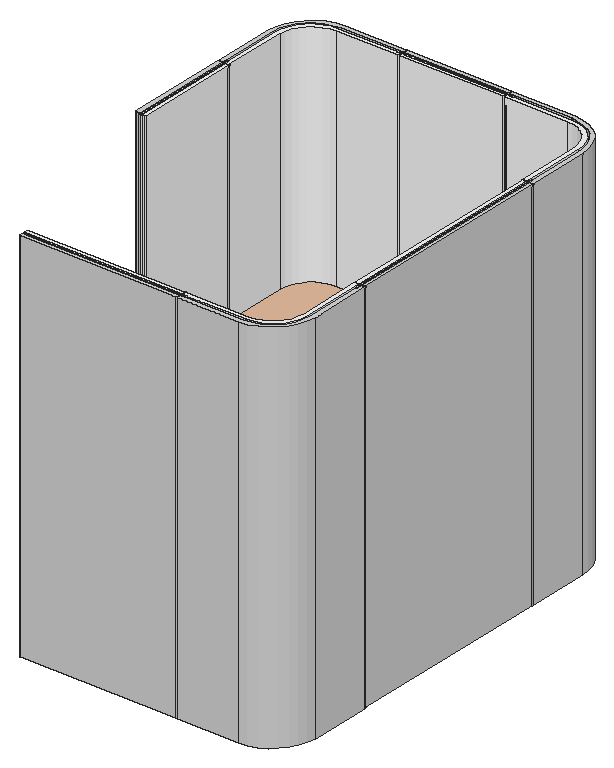
Revit family "NBS_Senator_MeetingPods_SoloAbodeLeftHand", category Furniture, Revit 2018
Family settings
  Work Plane-Based = No
  Always vertical = Yes
  Cut with Voids When Loaded = No
  Shared = No
  Room Calculation Point = No
Parameters (values of type "PDSA18L")
  WarrantyStartDate [instance] = "1900-12-31T23:59:59"
  WarrantyGuarantorParts = "contactus@thesenatorgroup.com"
  WarrantyGuarantorLabor = "n/a"
  WarrantyDurationUnit = "year"
  WarrantyDurationParts = "10"
  WarrantyDurationLabor = "n/a"
  WarrantyDescription = "Senator warrants that its manufactured products are free from manufacturing defects - in materials or workmanship - for a period of ten (10) years on Senator Seating ranges; and fifteen (15) years on Senator Desking ranges - exceptions are listed below. Senator will repair or replace (at Senator’s sole discretion) with comparable free of charge materials / components, any product / component, which fails under normal use in a single shift environment, as a result of a defect in the materials and / or workmanship"
  Version = "1"  # constant formula
  Uniclass2015Version = "Products v1.16"
  Uniclass2015Title = "Pr_40_50_12_53"
  Uniclass2015Code = "Meeting pods"
  TagNumber [instance] = "n/a"
  SustainabilityPerformance = "99% recyclable"
  Style = "Pods"
  Status = "UNSET"
  Size = "2000 x 1500 x 1800 mm"
  Shape = "n/a"
  SerialNumber [instance] = "n/a"
  SeatWidth = "n/a"
  SeatDepth = "n/a"
  Revision = "n/a"
  ReplacementCost = "n/a"
  Reference = "n/a"
  ProductInformation = "n/a"
  PodWidth = 1500 mm  # constant formula
  PodHeight = 1800 mm
  PodDepth = 2000 mm  # constant formula
  InnerPanelMaterial = NBS_Senator_White
  OuterPanelMaterial = NBS_Senator_StAndrews
  NominalWidth = 1800 mm
  NominalLength = 1500 mm
  NominalHeight = 1800 mm
  NominalDepth = 2000 mm
  Name = "MeetingPods_SoloAbodeLeftHand_PDSA18L_Senator"
  NBSReference = "45-35-20/342"
  NBSDescription = "Meeting pods"
  NBSCertification = "www.nationalbimlibrary.com/cert/einzjomc"
  ModelReference = "Pods-SoloAbodeLeftHand_PDSA18L"
  ModelNumber = "PDSA18L"
  Material = "Fabric, metal, plastic"
  ManufacturerURL = "www.senator.co.uk"
  ManufacturerName = "The Senator Group"  # constant formula
  Manufacturer = "sales@senator.co.uk"  # constant formula
  MainColor = "n/a"
  IsBuiltIn = no
  InstallationDate [instance] = "1900-12-31T23:59:59"
  MiddlePanelMaterial = NBS_Senator_White
  IfcExportType = "USERDEFINED"  # constant formula
  IfcExportAs = "IfcFurnitureType"  # constant formula
  Grade = "n/a"
  FramesColour = "Black, white"
  FinishOptions = "Carini walnut, mocha, autumn, strata oak, maple, highland oak, beech, winter oak, hacienda white, white, light grey, denim, clay, lemon sorbet"
  Finish = "Outer vertical panels upholstered in camira, blazer fabric Two tone is standard"
  Features = "Internal frame with multi-layered acoustic foam, levelling adjusters, blazer fabric, outer vertical panels"
  FabricFinishOptions = "Plymouth, fairfield, latymer, lancaster, silcoates, silverdale, st andrews, trevelyan, ulster, wellington, wesley, manchester,"
  ExpectedLife = "10"
  DurationUnit = "year"
  DeskWidth = 1395 mm  # constant formula
  DeskThickness = 0 mm
  DeskMaterial = NBS_Senator_HighlandOak
  DeskDepth = 800 mm  # constant formula
  Description = "Compact single person workspace"
  Constituents = "n/a"
  Color = "n/a"
  CodePerformance = "n/a"
  Category = "Pr_40_50_12_53: Meeting pods"
  BarCode [instance] = "n/a"
  BIMObjectName = "NBS_Senator_MeetingPods_SoloAbodeLeftHand_PDSA18L"
  Author = "NBS"  # constant formula
  AssetType = "Fixed"
  AssetIdentifier [instance] = "n/a"
  Accessories = "Monitor arms, PU desk accessories, desk top accessories, CPU holders, electrical accessories, coat hanger, name plate, A2 dry wipe board with hanger, A3 dry wipe board with hanger"
  AccessibilityPerformance = "n/a"
Types (3, lengths in mm): name | Size | PodHeight | NominalWidth | NominalHeight | Name | ModelReference | ModelNumber | BIMObjectName
  (no name) | "2000 x 1500 x 1400 mm" | 1400 | 1400 | 1400 | "MeetingPods_SoloAbodeLeftHand_PDSA14L_Senator" | "Pods-SoloAbodeLeftHand_PDSA14L" | "PDSA14L" | "NBS_Senator_MeetingPods_SoloAbodeLeftHand_PDSA14L"
  PDSA14L | "2000 x 1500 x 1400 mm" | 1400 | 1400 | 1400 | "MeetingPods_SoloAbodeLeftHand_PDSA14L_Senator" | "Pods-SoloAbodeLeftHand_PDSA14L" | "PDSA14L" | "NBS_Senator_MeetingPods_SoloAbodeLeftHand_PDSA14L"
  PDSA18L | "2000 x 1500 x 1800 mm" | 1800 | 1800 | 1800 | "MeetingPods_SoloAbodeLeftHand_PDSA18L_Senator" | "Pods-SoloAbodeLeftHand_PDSA18L" | "PDSA18L" | "NBS_Senator_MeetingPods_SoloAbodeLeftHand_PDSA18L"
Reference planes
  plane 1 "Center (Front/Back)": y = 0
  plane 2 "Bottom": z = 0
  plane 3 "Center (Left/Right)": x = 0
  plane 4 "Right": x = 750
  plane 5 "Left": x = -750
  plane 6 "Back": y = 1000
  plane 7 "Front": y = -1000
  plane 8 "Top": z = 1800
  plane 9: y = -950
  plane 10: x = -700
  plane 11: x = 700
  plane 12: y = 950
  plane 13: y = -970
  plane 14: y = -980
  plane 15: x = 730
  plane 16: x = 720
  plane 17: y = 980
  plane 18: y = 970
  plane 19: x = -730
  plane 20: x = -720
  plane 21: x = -697.791
  plane 22: x = 697.208
  plane 23: y = 150.31
  plane 24: x = 276.518
  plane 25: x = -500.001
  plane 26: y = -525.328
  plane 27: y = 526.117
  plane 28: x = 275.723
  plane 29: x = -275.723
  plane 30: y = 526.117
  plane 31: y = 3.745
  plane 32: y = 501.044
  plane 33: y = 500.044
  plane 34: x = -249.65
  plane 35: x = -250.65
  plane 36: x = 250.65
  plane 37: x = 249.65
  plane 38: y = 501.044
  plane 39: y = 500.044
  plane 40: y = -499.255
  plane 41: y = -500.255
  plane 42: x = 251.445
  plane 43: x = 250.445
  plane 44: y = 920.31
  plane 45: y = 895.865
  plane 46: z = 710
  plane 47: z = 685
Forms (mm)
  Extrusion 1, solid, material "NBS_Senator_White" <- "MiddlePanelMaterial", detail levels medium+fine
    sketch origin (0, 0, 0) x (1, 0, 0) y (0, 1, 0)
      loop
        arc (-494.897, -970) -> (-499.897, -975) -> (-494.897, -980) r 5
        line (-494.897, -980) -> (276.518, -980) -> (276.518, -970) -> (-494.897, -970)
      loop
        line (720, 526.117) -> (720, -525.328) -> (730, -525.328) -> (730, 526.117) -> (720, 526.117)
      loop
        line (-275.723, 980) -> (-275.723, 970) -> (275.723, 970) -> (275.723, 980) -> (-275.723, 980)
      loop
        line (-730, 526.117) -> (-730, 8.773)
        arc (-730, 8.773) -> (-725, 3.773) -> (-720, 8.773) r 5
        line (-720, 8.773) -> (-720, 526.117) -> (-730, 526.117)
    from 0 to 1800
  Extrusion 2, solid, material "NBS_Senator_StAndrews" <- "OuterPanelMaterial", detail levels medium+fine
    sketch origin (0, 0, 0) x (1, 0, 0) y (0, 1, 0)
      loop
        arc (-244.65, 1000) -> (-248.185, 998.536) -> (-249.65, 995) r 5
        line (-249.65, 995) -> (-249.65, 985)
        arc (-249.65, 985) -> (-248.185, 981.464) -> (-244.65, 980) r 5
        line (-244.65, 980) -> (244.65, 980)
        arc (244.65, 980) -> (248.185, 981.464) -> (249.65, 985) r 5
        line (249.65, 985) -> (249.65, 995)
        arc (249.65, 995) -> (248.185, 998.536) -> (244.65, 1000) r 5
        line (244.65, 1000) -> (-244.65, 1000)
    from 0 to 1800
  Extrusion 3, solid, material "NBS_Senator_White" <- "InnerPanelMaterial", detail levels medium+fine
    sketch origin (0, 0, 0) x (1, 0, 0) y (0, 1, 0)
      loop
        arc (-244.65, 970) -> (-248.185, 968.536) -> (-249.65, 965) r 5
        line (-249.65, 965) -> (-249.65, 955)
        arc (-249.65, 955) -> (-248.185, 951.464) -> (-244.65, 950) r 5
        line (-244.65, 950) -> (244.65, 950)
        arc (244.65, 950) -> (248.185, 951.464) -> (249.65, 955) r 5
        line (249.65, 955) -> (249.65, 965)
        arc (249.65, 965) -> (248.185, 968.536) -> (244.65, 970) r 5
        line (244.65, 970) -> (-244.65, 970)
    from 0 to 1800
  Extrusion 4, solid, material "NBS_Senator_White" <- "InnerPanelMaterial", detail levels medium+fine
    sketch origin (0, 0, 0) x (1, 0, 0) y (0, 1, 0)
      loop
        arc (-715, 500.044) -> (-718.536, 498.58) -> (-720, 495.044) r 5
        line (-720, 495.044) -> (-720, 8.745)
        arc (-720, 8.745) -> (-718.536, 5.209) -> (-715, 3.745) r 5
        line (-715, 3.745) -> (-705, 3.745)
        arc (-705, 3.745) -> (-701.464, 5.209) -> (-700, 8.745) r 5
        line (-700, 8.745) -> (-700, 495.044)
        arc (-700, 495.044) -> (-701.464, 498.58) -> (-705, 500.044) r 5
        line (-705, 500.044) -> (-715, 500.044)
    from 0 to 1800
  Extrusion 5, solid, material "NBS_Senator_White" <- "InnerPanelMaterial", detail levels medium+fine
    sketch origin (0, 0, 0) x (1, 0, 0) y (0, 1, 0)
      loop
        line (-255.65, 970) -> (-555, 970)
        arc (-555, 970) -> (-671.673, 921.673) -> (-720, 805) r 165
        line (-720, 805) -> (-720, 506.044)
        arc (-720, 506.044) -> (-718.536, 502.509) -> (-715, 501.044) r 5
        line (-715, 501.044) -> (-705, 501.044)
        arc (-705, 501.044) -> (-701.464, 502.509) -> (-700, 506.044) r 5
        line (-700, 506.044) -> (-700, 800)
        arc (-700, 800) -> (-656.066, 906.066) -> (-550, 950) r 150
        line (-550, 950) -> (-255.65, 950)
        arc (-255.65, 950) -> (-252.114, 951.464) -> (-250.65, 955) r 5
        line (-250.65, 955) -> (-250.65, 965)
        arc (-250.65, 965) -> (-252.114, 968.536) -> (-255.65, 970) r 5
    from 0 to 1800
  Extrusion 6, solid, material "NBS_Senator_White" <- "InnerPanelMaterial", detail levels medium+fine
    sketch origin (0, 0, 0) x (1, 0, 0) y (0, 1, 0)
      loop
        line (705, 501.044) -> (715, 501.044)
        arc (715, 501.044) -> (718.536, 502.509) -> (720, 506.044) r 5
        line (720, 506.044) -> (720, 805)
        arc (720, 805) -> (671.673, 921.673) -> (555, 970) r 165
        line (555, 970) -> (255.65, 970)
        arc (255.65, 970) -> (252.114, 968.536) -> (250.65, 965) r 5
        line (250.65, 965) -> (250.65, 955)
        arc (250.65, 955) -> (252.114, 951.464) -> (255.65, 950) r 5
        line (255.65, 950) -> (550, 950)
        arc (550, 950) -> (656.066, 906.066) -> (700, 800) r 150
        line (700, 800) -> (700, 506.044)
        arc (700, 506.044) -> (701.464, 502.509) -> (705, 501.044) r 5
    from 0 to 1800
  Extrusion 7, solid, material "NBS_Senator_White" <- "InnerPanelMaterial", detail levels medium+fine
    sketch origin (0, 0, 0) x (1, 0, 0) y (0, 1, 0)
      loop
        arc (705, 500.044) -> (701.464, 498.58) -> (700, 495.044) r 5
        line (700, 495.044) -> (700, -494.255)
        arc (700, -494.255) -> (701.464, -497.791) -> (705, -499.255) r 5
        line (705, -499.255) -> (715, -499.255)
        arc (715, -499.255) -> (718.536, -497.791) -> (720, -494.255) r 5
        line (720, -494.255) -> (720, 495.044)
        arc (720, 495.044) -> (718.536, 498.58) -> (715, 500.044) r 5
        line (715, 500.044) -> (705, 500.044)
    from 0 to 1800
  Extrusion 8, solid, material "NBS_Senator_White" <- "InnerPanelMaterial", detail levels medium+fine
    sketch origin (0, 0, 0) x (1, 0, 0) y (0, 1, 0)
      loop
        arc (256.445, -950) -> (252.91, -951.464) -> (251.445, -955) r 5
        line (251.445, -955) -> (251.445, -965)
        arc (251.445, -965) -> (252.91, -968.536) -> (256.445, -970) r 5
        line (256.445, -970) -> (555, -970)
        arc (555, -970) -> (671.673, -921.673) -> (720, -805) r 165
        line (720, -805) -> (720, -505.255)
        arc (720, -505.255) -> (718.536, -501.72) -> (715, -500.255) r 5
        line (715, -500.255) -> (705, -500.255)
        arc (705, -500.255) -> (701.464, -501.72) -> (700, -505.255) r 5
        line (700, -505.255) -> (700, -800)
        arc (700, -800) -> (656.066, -906.066) -> (550, -950) r 150
        line (550, -950) -> (256.445, -950)
    from 0 to 1800
  Extrusion 9, solid, material "NBS_Senator_StAndrews" <- "OuterPanelMaterial", detail levels medium+fine
    sketch origin (-30, 0, 0) x (1, 0, 0) y (0, 1, 0)
      loop
        arc (-715, 500.044) -> (-718.536, 498.58) -> (-720, 495.044) r 5
        line (-720, 495.044) -> (-720, 8.745)
        arc (-720, 8.745) -> (-718.536, 5.209) -> (-715, 3.745) r 5
        line (-715, 3.745) -> (-705, 3.745)
        arc (-705, 3.745) -> (-701.464, 5.209) -> (-700, 8.745) r 5
        line (-700, 8.745) -> (-700, 495.044)
        arc (-700, 495.044) -> (-701.464, 498.58) -> (-705, 500.044) r 5
        line (-705, 500.044) -> (-715, 500.044)
    from 0 to 1800
  Extrusion 10, solid, material "NBS_Senator_StAndrews" <- "OuterPanelMaterial", detail levels medium+fine
    sketch origin (0, 0, 0) x (1, 0, 0) y (0, 1, 0)
      loop
        line (-745, 501.044) -> (-735, 501.044)
        arc (-735, 501.044) -> (-731.464, 502.509) -> (-730, 506.044) r 5
        line (-730, 506.044) -> (-730, 800)
        arc (-730, 800) -> (-677.279, 927.279) -> (-550, 980) r 180
        line (-550, 980) -> (-255.65, 980)
        arc (-255.65, 980) -> (-252.114, 981.464) -> (-250.65, 985) r 5
        line (-250.65, 985) -> (-250.65, 995)
        arc (-250.65, 995) -> (-252.114, 998.536) -> (-255.65, 1000) r 5
        line (-255.65, 1000) -> (-548, 1000)
        arc (-548, 1000) -> (-690.836, 940.836) -> (-750, 798) r 202
        line (-750, 798) -> (-750, 506.044)
        arc (-750, 506.044) -> (-748.536, 502.509) -> (-745, 501.044) r 5
    from 0 to 1800
  Extrusion 11, solid, material "NBS_Senator_StAndrews" <- "OuterPanelMaterial", detail levels medium+fine
    sketch origin (0, 0, 0) x (1, 0, 0) y (0, 1, 0)
      loop
        arc (255.65, 1000) -> (252.114, 998.536) -> (250.65, 995) r 5
        line (250.65, 995) -> (250.65, 985)
        arc (250.65, 985) -> (252.114, 981.464) -> (255.65, 980) r 5
        line (255.65, 980) -> (550, 980)
        arc (550, 980) -> (677.279, 927.279) -> (730, 800) r 180
        line (730, 800) -> (730, 506.044)
        arc (730, 506.044) -> (731.464, 502.509) -> (735, 501.044) r 5
        line (735, 501.044) -> (745, 501.044)
        arc (745, 501.044) -> (748.536, 502.509) -> (750, 506.044) r 5
        line (750, 506.044) -> (750, 798)
        arc (750, 798) -> (690.836, 940.836) -> (548, 1000) r 202
        line (548, 1000) -> (255.65, 1000)
    from 0 to 1800
  Extrusion 12, solid, material "NBS_Senator_StAndrews" <- "OuterPanelMaterial", detail levels medium+fine
    sketch origin (33.932, 0, 0) x (1, 0, 0) y (0, 1, 0)
      loop
        arc (701.068, 500.044) -> (697.533, 498.58) -> (696.068, 495.044) r 5
        line (696.068, 495.044) -> (696.068, -494.255)
        arc (696.068, -494.255) -> (697.533, -497.791) -> (701.068, -499.255) r 5
        line (701.068, -499.255) -> (711.068, -499.255)
        arc (711.068, -499.255) -> (714.604, -497.791) -> (716.068, -494.255) r 5
        line (716.068, -494.255) -> (716.068, 495.044)
        arc (716.068, 495.044) -> (714.604, 498.58) -> (711.068, 500.044) r 5
        line (711.068, 500.044) -> (701.068, 500.044)
    from 0 to 1800
  Extrusion 13, solid, material "NBS_Senator_StAndrews" <- "OuterPanelMaterial", detail levels medium+fine
    sketch origin (0, 0, 0) x (1, 0, 0) y (0, 1, 0)
      loop
        arc (735, -500.255) -> (731.464, -501.72) -> (730, -505.255) r 5
        line (730, -505.255) -> (730, -800)
        arc (730, -800) -> (677.279, -927.279) -> (550, -980) r 180
        line (550, -980) -> (256.445, -980)
        arc (256.445, -980) -> (252.91, -981.464) -> (251.445, -985) r 5
        line (251.445, -985) -> (251.445, -995)
        arc (251.445, -995) -> (252.91, -998.536) -> (256.445, -1000) r 5
        line (256.445, -1000) -> (548, -1000)
        arc (548, -1000) -> (690.836, -940.836) -> (750, -798) r 202
        line (750, -798) -> (750, -505.255)
        arc (750, -505.255) -> (748.536, -501.72) -> (745, -500.255) r 5
        line (745, -500.255) -> (735, -500.255)
    from 0 to 1800
  Extrusion 14, solid, material "NBS_Senator_White" <- "InnerPanelMaterial", detail levels medium+fine
    sketch origin (0, 0, 0) x (1, 0, 0) y (0, 1, 0)
      loop
        arc (-495.001, -950) -> (-498.536, -951.464) -> (-500.001, -955) r 5
        line (-500.001, -955) -> (-500.001, -965)
        arc (-500.001, -965) -> (-498.536, -968.536) -> (-495.001, -970) r 5
        line (-495.001, -970) -> (245.445, -970)
        arc (245.445, -970) -> (248.981, -968.536) -> (250.445, -965) r 5
        line (250.445, -965) -> (250.445, -955)
        arc (250.445, -955) -> (248.981, -951.464) -> (245.445, -950) r 5
        line (245.445, -950) -> (-495.001, -950)
    from 0 to 1800
  Extrusion 15, solid, material "NBS_Senator_StAndrews" <- "OuterPanelMaterial", detail levels medium+fine
    sketch origin (0, 0, 0) x (1, 0, 0) y (0, 1, 0)
      loop
        arc (-495.001, -980) -> (-498.536, -981.464) -> (-500.001, -985) r 5
        line (-500.001, -985) -> (-500.001, -995)
        arc (-500.001, -995) -> (-498.536, -998.536) -> (-495.001, -1000) r 5
        line (-495.001, -1000) -> (245.445, -1000)
        arc (245.445, -1000) -> (248.981, -998.536) -> (250.445, -995) r 5
        line (250.445, -995) -> (250.445, -985)
        arc (250.445, -985) -> (248.981, -981.464) -> (245.445, -980) r 5
        line (245.445, -980) -> (-495.001, -980)
    from 0 to 1800
  Extrusion 16, solid, material "NBS_Senator_StAndrews" <- "OuterPanelMaterial", detail levels coarse
    sketch origin (0, 0, 0) x (1, 0, 0) y (0, 1, 0)
      loop
        line (-750, 3.745) -> (-700, 3.745) -> (-700, 800)
        arc (-700, 800) -> (-656.066, 906.066) -> (-550, 950) r 150
        line (-550, 950) -> (550, 950)
        arc (550, 950) -> (656.066, 906.066) -> (700, 800) r 150
        line (700, 800) -> (700, -800)
        arc (700, -800) -> (656.066, -906.066) -> (550, -950) r 150
        line (550, -950) -> (-500.001, -950) -> (-500.001, -1000) -> (548, -1000)
        arc (548, -1000) -> (690.836, -940.836) -> (750, -798) r 202
        line (750, -798) -> (750, 798)
        arc (750, 798) -> (690.836, 940.836) -> (548, 1000) r 202
        line (548, 1000) -> (-548, 1000)
        arc (-548, 1000) -> (-690.836, 940.836) -> (-750, 798) r 202
        line (-750, 798) -> (-750, 3.745)
    from 0 to 1800
Dimensions and locks
  "PodWidth": plane 5 "Left" to plane 4 "Right"
  "PodDepth": plane 7 "Front" to plane 6 "Back"
  equal spacing: plane 5 "Left", plane 3 "Center (Left/Right)", plane 4 "Right"
  "PodHeight": plane 8 "Top" to plane 2 "Bottom"
  plane 5 "Left" to plane 19 to plane 20 to plane 10 to plane 21 = 20 mm locked, 10 mm locked, 20 mm locked, 2.209 mm locked
  plane 22 to plane 11 to plane 16 to plane 15 to plane 4 "Right" = 2.792 mm locked, 20 mm locked, 10 mm locked, 20 mm locked
  plane 12 to plane 18 to plane 17 to plane 6 "Back" = 20 mm locked, 10 mm locked, 20 mm locked
  plane 7 "Front" to plane 14 to plane 13 to plane 9 = 20 mm locked, 10 mm locked, 20 mm locked
  locked: plane 46 to plane 47 at 25
  locked: plane 46 to plane 2 "Bottom" at 710
  locked: plane 35 to plane 34 at 1
  locked: plane 29 to plane 35 at 25.073
  locked: plane 5 "Left" to plane 34 at 500.35
  locked: plane 37 to plane 36 at 1
  locked: plane 36 to plane 28 at 25.073
  locked: plane 37 to plane 4 "Right" at 500.35
  radius of Extrusion 2 sketch curve = 5 mm  (x4)
  radius of Extrusion 3 sketch curve = 5 mm  (x2)
  radius of Extrusion 5 sketch curve = 150 mm
  radius of Extrusion 5 sketch curve = 165 mm
  radius of Extrusion 5 sketch curve = 5 mm  (x2)
  radius of Extrusion 6 sketch curve = 165 mm
  radius of Extrusion 6 sketch curve = 150 mm
  radius of Extrusion 6 sketch curve = 5 mm  (x2)
  radius of Extrusion 10 sketch curve = 180 mm
  radius of Extrusion 10 sketch curve = 202 mm
  radius of Extrusion 10 sketch curve = 5 mm  (x4)
  radius of Extrusion 11 sketch curve = 180 mm
  radius of Extrusion 11 sketch curve = 202 mm
  radius of Extrusion 11 sketch curve = 5 mm  (x4)
  radius of Extrusion 13 sketch curve = 180 mm
  radius of Extrusion 13 sketch curve = 202 mm
  radius of Extrusion 13 sketch curve = 5 mm  (x4)
  radius of Extrusion 14 sketch curve = 5 mm  (x4)
  radius of Extrusion 15 sketch curve = 5 mm  (x4)
  radius of Extrusion 16 sketch curve = 150 mm  (x3)
  radius of Extrusion 16 sketch curve = 202 mm  (x3)
  aligned and locked: level to plane 2 "Bottom"
  aligned and locked: plane 24 to Extrusion 1 sketch curve
  aligned and locked: plane 13 to Extrusion 1 sketch curve
  aligned and locked: Extrusion 1 sketch curve to plane 14
  aligned and locked: plane 26 to Extrusion 1 sketch curve
  aligned and locked: plane 16 to Extrusion 1 sketch curve
  aligned and locked: Extrusion 1 sketch curve to plane 15
  aligned and locked: Extrusion 1 sketch curve to plane 27
  aligned and locked: plane 28 to Extrusion 1 sketch curve
  aligned and locked: plane 17 to Extrusion 1 sketch curve
  aligned and locked: Extrusion 1 sketch curve to plane 18
  aligned and locked: Extrusion 1 sketch curve to plane 29
  aligned and locked: Extrusion 1 sketch curve to plane 20
  aligned and locked: plane 19 to Extrusion 1 sketch curve
  aligned and locked: Extrusion 1 sketch curve to plane 30
  aligned and locked: Extrusion 1 to plane 2 "Bottom"
  aligned and locked: plane 8 "Top" to Extrusion 1
  aligned and locked: plane 37 to Extrusion 2 sketch curve
  aligned and locked: plane 6 "Back" to Extrusion 2 sketch curve
  aligned and locked: Extrusion 2 sketch curve to plane 17
  aligned and locked: Extrusion 2 sketch curve to plane 34
  aligned and locked: Extrusion 3 to plane 37
  aligned and locked: plane 34 to Extrusion 3
  aligned and locked: Extrusion 4 sketch curve to plane 10
  aligned and locked: plane 31 to Extrusion 4 sketch curve
  aligned and locked: plane 20 to Extrusion 4 sketch curve
  aligned and locked: Extrusion 4 sketch curve to plane 33
  aligned and locked: Extrusion 4 to plane 2 "Bottom"
  aligned and locked: plane 8 "Top" to Extrusion 4
  aligned and locked: Extrusion 5 sketch curve to plane 10
  aligned and locked: plane 32 to Extrusion 5 sketch curve
  aligned and locked: plane 20 to Extrusion 5 sketch curve
  aligned and locked: plane 12 to Extrusion 5 sketch curve
  aligned and locked: Extrusion 5 sketch curve to plane 18
  aligned and locked: Extrusion 5 sketch curve to plane 35
  aligned and locked: plane 8 "Top" to Extrusion 5
  aligned and locked: Extrusion 5 to plane 2 "Bottom"
  aligned and locked: Extrusion 2 to plane 2 "Bottom"
  aligned and locked: plane 8 "Top" to Extrusion 2
  aligned and locked: Extrusion 3 sketch curve to plane 12
  aligned and locked: Extrusion 3 to plane 18
  aligned and locked: plane 18 to Extrusion 3 sketch curve
  aligned and locked: Extrusion 3 sketch curve to plane 34
  aligned and locked: plane 37 to Extrusion 3 sketch curve
  aligned and locked: Extrusion 6 sketch curve to plane 36
  aligned and locked: Extrusion 6 sketch curve to plane 12
  aligned and locked: plane 18 to Extrusion 6 sketch curve
  aligned and locked: Extrusion 6 sketch curve to plane 38
  aligned and locked: Extrusion 6 sketch curve to plane 11
  aligned and locked: plane 16 to Extrusion 6 sketch curve
  aligned and locked: Extrusion 6 to plane 2 "Bottom"
  aligned and locked: plane 8 "Top" to Extrusion 6
  aligned and locked: Extrusion 7 sketch curve to plane 39
  aligned and locked: plane 11 to Extrusion 7 sketch curve
  aligned and locked: Extrusion 7 sketch curve to plane 16
  aligned and locked: plane 40 to Extrusion 7 sketch curve
  aligned and locked: Extrusion 7 to plane 2 "Bottom"
  aligned and locked: plane 8 "Top" to Extrusion 7
  aligned and locked: Extrusion 8 sketch curve to plane 41
  aligned and locked: plane 11 to Extrusion 8 sketch curve
  aligned and locked: Extrusion 8 sketch curve to plane 16
  aligned and locked: plane 9 to Extrusion 8 sketch curve
  aligned and locked: Extrusion 8 sketch curve to plane 13
  aligned and locked: Extrusion 8 sketch curve to plane 42
  aligned and locked: Extrusion 8 to plane 2 "Bottom"
  aligned and locked: plane 8 "Top" to Extrusion 8
  aligned and locked: plane 31 to Extrusion 9 sketch curve
  aligned and locked: plane 5 "Left" to Extrusion 9 sketch curve
  aligned and locked: Extrusion 9 sketch curve to plane 19
  aligned and locked: Extrusion 9 sketch curve to plane 33
  aligned and locked: Extrusion 10 sketch curve to plane 32
  aligned and locked: plane 19 to Extrusion 10 sketch curve
  aligned and locked: Extrusion 10 sketch curve to plane 5 "Left"
  aligned and locked: plane 6 "Back" to Extrusion 10 sketch curve
  aligned and locked: Extrusion 10 sketch curve to plane 17
  aligned and locked: plane 35 to Extrusion 10 sketch curve
  aligned and locked: Extrusion 10 to plane 2 "Bottom"
  aligned and locked: plane 8 "Top" to Extrusion 10
  aligned and locked: plane 15 to Extrusion 11 sketch curve
  aligned and locked: plane 38 to Extrusion 11 sketch curve
  aligned and locked: Extrusion 11 sketch curve to plane 4 "Right"
  aligned and locked: Extrusion 11 sketch curve to plane 17
  aligned and locked: Extrusion 11 sketch curve to plane 36
  aligned and locked: plane 6 "Back" to Extrusion 11 sketch curve
  aligned and locked: Extrusion 12 sketch curve to plane 4 "Right"
  aligned and locked: plane 40 to Extrusion 12 sketch curve
  aligned and locked: plane 15 to Extrusion 12 sketch curve
  aligned and locked: Extrusion 12 sketch curve to plane 39
  aligned and locked: plane 8 "Top" to Extrusion 12
  aligned and locked: Extrusion 12 to plane 2 "Bottom"
  aligned and locked: plane 15 to Extrusion 13 sketch curve
  aligned and locked: Extrusion 13 sketch curve to plane 4 "Right"
  aligned and locked: Extrusion 13 sketch curve to plane 41
  aligned and locked: Extrusion 13 sketch curve to plane 42
  aligned and locked: Extrusion 13 sketch curve to plane 7 "Front"
  aligned and locked: plane 14 to Extrusion 13 sketch curve
  aligned and locked: Extrusion 13 to plane 2 "Bottom"
  aligned and locked: plane 8 "Top" to Extrusion 13
  aligned and locked: plane 9 to Extrusion 14 sketch curve
  aligned and locked: plane 25 to Extrusion 14 sketch curve
  aligned and locked: plane 43 to Extrusion 14 sketch curve
  aligned and locked: Extrusion 14 sketch curve to plane 13
  aligned and locked: Extrusion 14 to plane 2 "Bottom"
  aligned and locked: plane 8 "Top" to Extrusion 14
  aligned and locked: plane 14 to Extrusion 15 sketch curve
  aligned and locked: plane 25 to Extrusion 15 sketch curve
  aligned and locked: Extrusion 15 sketch curve to plane 7 "Front"
  aligned and locked: plane 43 to Extrusion 15 sketch curve
  aligned and locked: Extrusion 15 to plane 2 "Bottom"
  aligned and locked: plane 8 "Top" to Extrusion 15
  aligned and locked: plane 8 "Top" to Extrusion 3
  aligned and locked: Extrusion 3 to plane 2 "Bottom"
  aligned and locked: plane 8 "Top" to Extrusion 11
  aligned and locked: Extrusion 11 to plane 2 "Bottom"
  aligned and locked: nested 1 to plane 46
  aligned and locked: nested 1 to plane 47
  aligned and locked: plane 3 "Center (Left/Right)" to nested 1
  aligned and locked: plane 12 to nested 1
  aligned and locked: Extrusion 9 to plane 2 "Bottom"
  aligned and locked: plane 8 "Top" to Extrusion 9
  aligned and locked: plane 25 to Extrusion 16 sketch curve
  aligned and locked: Extrusion 16 sketch curve to plane 7 "Front"
  aligned and locked: plane 9 to Extrusion 16 sketch curve
  aligned and locked: Extrusion 16 sketch curve to plane 4 "Right"
  aligned and locked: plane 11 to Extrusion 16 sketch curve
  aligned and locked: plane 6 "Back" to Extrusion 16 sketch curve
  aligned and locked: Extrusion 16 sketch curve to plane 12
  aligned and locked: Extrusion 16 sketch curve to plane 10
  aligned and locked: plane 5 "Left" to Extrusion 16 sketch curve
  aligned and locked: plane 31 to Extrusion 16 sketch curve
  aligned and locked: Extrusion 16 to plane 2 "Bottom"
  aligned and locked: plane 8 "Top" to Extrusion 16
Automatic sketch dimensions
  plane 25 to Extrusion 1 sketch curve = 5.103 mm
  plane 31 to Extrusion 1 sketch curve = 5.028 mm
  plane 6 "Back" to Extrusion 2 sketch curve = 5 mm
  Extrusion 3 sketch curve to plane 34 = 5 mm
  plane 37 to Extrusion 3 sketch curve = 5 mm
  plane 20 to Extrusion 4 sketch curve = 5 mm
  Extrusion 4 sketch curve to Extrusion 4 sketch curve = 5 mm
  Extrusion 4 sketch curve to plane 10 = 5 mm  (x2)
  Extrusion 5 sketch curve to Extrusion 5 sketch curve = 5 mm
  Extrusion 5 sketch curve to plane 10 = 5 mm
  plane 11 to Extrusion 6 sketch curve = 5 mm
  Extrusion 6 sketch curve to Extrusion 6 sketch curve = 5 mm
  plane 11 to Extrusion 7 sketch curve = 5 mm  (x2)
  Extrusion 7 sketch curve to plane 16 = 5 mm
  Extrusion 7 sketch curve to Extrusion 7 sketch curve = 5 mm
  plane 9 to Extrusion 8 sketch curve = 5 mm
  Extrusion 8 sketch curve to plane 13 = 5 mm
  plane 22 to Extrusion 8 sketch curve = 147.208 mm
  Extrusion 8 sketch curve to Extrusion 8 sketch curve = 5 mm  (x2)
  plane 11 to Extrusion 8 sketch curve = 5 mm
  plane 5 "Left" to Extrusion 9 sketch curve = 5 mm
  Extrusion 9 sketch curve to Extrusion 9 sketch curve = 5 mm
  Extrusion 9 sketch curve to plane 19 = 5 mm  (x2)
  Extrusion 12 sketch curve to Extrusion 12 sketch curve = 5 mm
  Extrusion 12 sketch curve to plane 33 = 5 mm
  Extrusion 12 sketch curve to plane 4 "Right" = 5 mm  (x2)
Nested families
  nested 1: "NBS_Senator_Desk_PDSAT" at (0, 950, 685), type "NBS_Senator_Desk_PDSAT"
    with DeskWidth 1395 mm, DeskDepth 800 mm
Definition of nested family "NBS_Senator_Desk_PDSAT"
  Parameters (values of type "NBS_Senator_Desk_PDSAT")
    DeskWidth = 1640 mm
    DeskThickness = 25 mm
    DeskMaterial = none
    DeskDepth = 960 mm
  Reference planes
    plane 1 "Back": y = 0
    plane 2 "Bottom": z = 0
    plane 3 "Center (Left/Right)": x = 0
    plane 4 "Left": x = -820
    plane 5 "Right": x = 820
    plane 6 "Front": y = -960
    plane 7 "Top": z = 25
  Forms (mm)
    Extrusion 1, solid, material <- "DeskMaterial"
      sketch origin (0, 0, 0) x (1, 0, 0) y (0, 1, 0)
        loop
          arc (-670, 0) -> (-776.066, -43.934) -> (-820, -150) r 150
          line (-820, -150) -> (-820, -960) -> (820, -960) -> (820, -150)
          arc (820, -150) -> (776.066, -43.934) -> (670, 0) r 150
          line (670, 0) -> (369.041, 0) -> (289.799, -29.69) -> (126.526, -29.69) -> (84.186, -54.135) -> (-84.186, -54.135) -> (-126.526, -29.69) -> (-289.799, -29.69) -> (-369.041, 0) -> (-670, 0)
      from 0 to 25
  Dimensions and locks
    equal spacing: plane 4 "Left", plane 3 "Center (Left/Right)", plane 5 "Right"
    "DeskWidth": plane 4 "Left" to plane 5 "Right"
    "DeskDepth": plane 6 "Front" to plane 1 "Back"
    Extrusion 1 sketch curve to Extrusion 1 sketch curve to Extrusion 1 sketch curve to plane 3 "Center (Left/Right)" to Extrusion 1 sketch curve to Extrusion 1 sketch curve to Extrusion 1 sketch curve = 79.242 mm locked, 163.273 mm locked, 126.526 mm locked, 126.526 mm locked, 163.273 mm locked, 79.242 mm locked
    "DeskThickness": plane 7 "Top" to level
    aligned and locked: level to plane 2 "Bottom"
    aligned and locked: plane 1 "Back" to Extrusion 1 sketch curve
    aligned and locked: plane 4 "Left" to Extrusion 1 sketch curve
    aligned and locked: plane 6 "Front" to Extrusion 1 sketch curve
    aligned and locked: Extrusion 1 sketch curve to plane 5 "Right"
    aligned and locked: Extrusion 1 to plane 2 "Bottom"
    aligned and locked: plane 7 "Top" to Extrusion 1
  Automatic sketch dimensions
    plane 4 "Left" to Extrusion 1 sketch curve = 150 mm
    plane 1 "Back" to Extrusion 1 sketch curve = 150 mm
    plane 1 "Back" to Extrusion 1 sketch curve = 29.69 mm  (x2)
    Extrusion 1 sketch curve to Extrusion 1 sketch curve = 42.34 mm  (x2)
    plane 1 "Back" to Extrusion 1 sketch curve = 0 mm
    Extrusion 1 sketch curve to Extrusion 1 sketch curve = 24.445 mm
